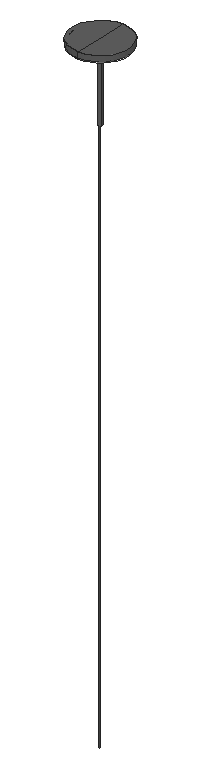
Revit family "PANZERI_BELLA_SUSPENSION_LIGHT", category Lighting Fixtures, host Face, Revit 2018
Family settings
  Host = Face
  Round Connector Dimension = Use Diameter
  Part Type = Normal
  OmniClass Number = 23.80.70.00
  OmniClass Title = Lighting
  Cut with Voids When Loaded = No
  Light Source = No
  Shared = No
  Room Calculation Point = Yes
Parameters (values of type "Compositions_IndirectLight_Black")
  WEIGHT = if(SINGLE INSTALLATION, 0.55 kg, 0.22 kg)  # 0.22 kg
  WATTAGE = if(SINGLE INSTALLATION, 6.5 W, 4.5 W)  # 4.5 W
  VOLTAGE = 0 V
  USAGE = "INDOOR - SUSPENSION"  # constant formula
  URL = "https://panzeri.it/en/"
  Type Comments = "Indirect light emission. For compositions."
  TOTAL HEIGHT [instance] = CABLE LENGTH + HEIGHT  # 1140 mm
  TECHNICAL SHEET = "https://panzeri.it/en/products/product-family/design/indoor/bella/112/"
  STRUCTURE MATERIAL = PANZERI_ALUMINIUM_POLYACRYLIC_PAINT_BLACK_02
  SINGLE INSTALLATION = no
  Light Source Symbol Size = 300 mm
  LIGHTING SPECIFICATION = "LED 4,5W | 2700K | Ra>90 | 388lm | 24V DC"
  IP RATING = "IP40"  # constant formula
  INDIRECT LIGHT = yes
  IK RATING = ""
  HEIGHT = 140 mm  # constant formula
  FREQUENCY RANGE = if(SINGLE INSTALLATION, "50/60Hz", "")  # ""
  FREQUENCY = 0 Hz
  DIRECT LIGHT = not(INDIRECT LIGHT)  # no
  DIAMETER = 101 mm  # constant formula
  PRODUCT SHEET = "https://www.archiproducts.com/en/products/panzeri/led-die-cast-aluminium-pendant-lamp-bella-pendant-lamp_398064"
  PRODUCT CODE = "M05302.011.0510"
  POWER SUPPLY = if(SINGLE INSTALLATION, "220-240V AC", "24V DC")  # "24V DC"
  PACKAGING = "13,0 x 24,0 x 12,0 cm"  # constant formula
  Model = "BELLA SUSPENSION"  # constant formula
  Manufacturer = "PANZERI"  # constant formula
  MATERIAL DESCRIPTION = "Die-cast aluminium structure in polyacrylic paint. Modelled acrylic diffuser with mat finish. Aluminium closing disk in polyacrylic paint. Suspension kit with rod in brass tube in polyacrylic paint. 3m <118,1in> long suspension and power cable in transparent PVC."  # constant formula
  Lamp = "LED"  # constant formula
  LAMP MATERIAL = PANZERI_POLYCARBONATE_OPALINE_SCREEN_Light_on
  INSTALLATION INSTRUCTIONS = "https://panzeri.it/en/products/product-family/design/indoor/bella/112/"
  ENERGY EFFICIENCY CLASS = "N/D"  # constant formula
  Description = "Suspension lighting fixture for interiors, with direct or indirect light emission."  # constant formula
  Default Elevation = 1219.2 mm
  DESIGNER = "Enzo Panzeri"  # constant formula
  COMPOSITIONS = not(SINGLE INSTALLATION)  # yes
  COLOR RENDERING INDEX = "Ra>90"  # constant formula
  COLLECTION = "BELLA"  # constant formula
  CANOPY_VISIBILITY = if(SINGLE INSTALLATION, 1 = 1, 1 = 0)  # no
  CANOPY MATERIAL = PANZERI_ALUMINIUM_POLYACRYLIC_PAINT_BLACK_02
  CABLE MATERIAL = PANZERI_PVC_TRANSPARENT
  CABLE LENGTH_CONTROL [instance] = 1000 mm
  CABLE LENGTH [instance] = if(CABLE LENGTH_CONTROL > 3000 mm, 3000 mm, if(CABLE LENGTH_CONTROL < 1 mm, 1 mm, CABLE LENGTH_CONTROL))  # 1000 mm
  BODY TILT = if(DIRECT LIGHT, -90.00°, 90.00°)  # 90.00°
  BODY OFFSET = if(DIRECT LIGHT, -13 mm, 0 mm)  # 0 mm
  BODY AND LIGHT SOURCE = 1_Body_LightSource_PANZERI_BELLA_SUSPENSION_LIGHT : IndirectLight
  BIM USER MANUAL = "https://bimcad.edilportale.com/PANZERI-BIM-USER-MANUAL-PANZERI-bim.pdf"
  BIM BADGE = "https://bim.archiproducts.com/en/badge/bim-archiproducts-featured_658700/about"
  BIM AUTHOR = "https://bim.archiproducts.com"
  BELLA VESTITA VERSION [instance] = no
  Apparent Load = 0 VA
  AVAILABLE FINISHES = "Structure and Canopy: white, black, bronze, mat brass or titanium. CUSTOM finishes available only on request."  # constant formula
  ACCESSORIES = if(SINGLE INSTALLATION, "DRIVER: integrated included | Power canopy and covering inclued", "DRIVER: remote not included | Provided without power canopy, complete with cable clamp on the cable's free extremity.")  # "DRIVER: remote not included | Provided without power canopy, complete with cable clamp on the cable's free extremity."
Types (4, lengths in mm): name | WEIGHT | WATTAGE | Type Comments | SINGLE INSTALLATION | LIGHTING SPECIFICATION | INDIRECT LIGHT | FREQUENCY RANGE | DIRECT LIGHT | PRODUCT CODE | POWER SUPPLY | COMPOSITIONS | CANOPY_VISIBILITY | BODY TILT | BODY OFFSET | BODY AND LIGHT SOURCE | ACCESSORIES
  Single_DirectLight_Black | 0.55 kg | 6.5 W | "Direct light emission.  For single installations." | yes | "LED 6,5W | 2700K | Ra>90 | 388lm | 220-240V AC | ON-OFF" | no | "50/60Hz" | yes | "L05202.011.0501" | "220-240V AC" | no | yes | -90.00° | -13 | 1_Body_LightSource_PANZERI_BELLA_SUSPENSION_LIGHT : DirectLight | "DRIVER: integrated included | Power canopy and covering inclued"
  Single_IndirectLight_Black | 0.55 kg | 6.5 W | "Indirect light emission. For single installations." | yes | "LED 6,5W | 2700K | Ra>90 | 388lm | 220-240V AC | ON-OFF" | yes | "50/60Hz" | no | "L05302.011.0501" | "220-240V AC" | no | yes | 90.00° | 0 | 1_Body_LightSource_PANZERI_BELLA_SUSPENSION_LIGHT : IndirectLight | "DRIVER: integrated included | Power canopy and covering inclued"
  Compositions_DirectLight_Black | 0.22 kg | 4.5 W | "Direct light emission. For compositions." | no | "LED 4,5W | 2700K | Ra>90 | 388lm | 24V DC" | no | "" | yes | "M05202.011.0510" | "24V DC" | yes | no | -90.00° | -13 | 1_Body_LightSource_PANZERI_BELLA_SUSPENSION_LIGHT : DirectLight | "DRIVER: remote not included | Provided without power canopy, complete with cable clamp on the cable's free extremity."
  Compositions_IndirectLight_Black | 0.22 kg | 4.5 W | "Indirect light emission. For compositions." | no | "LED 4,5W | 2700K | Ra>90 | 388lm | 24V DC" | yes | "" | no | "M05302.011.0510" | "24V DC" | yes | no | 90.00° | 0 | 1_Body_LightSource_PANZERI_BELLA_SUSPENSION_LIGHT : IndirectLight | "DRIVER: remote not included | Provided without power canopy, complete with cable clamp on the cable's free extremity."
Reference planes
  plane 1 "Center (Front/Back)": y = 0
  plane 2: z = 0
  plane 3 "Center (Left/Right)": x = 0
  plane 4 "LIGHT SOURCE PLAN": z = 1140
  plane 5 "BOTTOM": z = 1000
  plane 6: z = 1140
  plane 7 "BODY LAMP BOTTOM": z = 1126
Forms (mm)
  Revolve 1, solid, material "PANZERI_ALUMINIUM_POLYACRYLIC_PAINT_BLACK_02" <- "CANOPY MATERIAL", visible <- "CANOPY_VISIBILITY", detail levels fine
    sketch origin (0, 0, 0) x (0, 1, 0) y (0, 0, 1)
      loop
        line (25.35, 130) -> (25.35, 125.9) -> (0, 125.9) -> (0, 0) -> (27.5, 0) -> (27.5, 130) -> (25.35, 130)
      axis (0, 0) -> (0, 130)
    angle from 0 to 360
  Extrusion 2, solid, material "PANZERI_PVC_TRANSPARENT" <- "CABLE MATERIAL", detail levels medium+fine
    sketch origin (0, 0, 0) x (1, 0, 0) y (0, 1, 0)
      loop
        circle (0, 0) r 1.417
    from 0 to 1000
  Revolve 3, solid, material "PANZERI_ALUMINIUM_POLYACRYLIC_PAINT_BLACK_02" <- "STRUCTURE MATERIAL", detail levels fine
    sketch origin (0, 0, 0) x (1, 0, 0) y (0, 0, 1)
      loop
        line (0, 1126) -> (-2.99, 1126) -> (-2.99, 1000) -> (0, 1000) -> (0, 1126)
      axis (0, 1126) -> (0, 1000)
    angle from 0 to 360
  Extrusion 4, solid, detail levels medium
    sketch origin (0, 0, 0) x (1, 0, 0) y (0, 1, 0)
      loop
        circle (0, 0) r 50.5
    from 1000 to 1140
Lines and regions (mm)
  reference lines
    curve 1: line (0, 0, 1026) -> (0, 0, 1126)
  symbolic lines, detail levels coarse
    curve 2: line (0, 0, 0) -> (0, 0, 1126)
    curve 3: line (0, 0, 0) -> (0, 0, 1126)
Dimensions and locks
  "CABLE LENGTH": plane 5 "BOTTOM" to plane 2
  "HEIGHT": plane 6 to plane 5 "BOTTOM"
  locked: plane 7 "BODY LAMP BOTTOM" to plane 5 "BOTTOM" at 126
  locked: curve 1 to curve 1 at 100
  "DIAMETER": diameter of Extrusion 4 sketch curve
  "BODY TILT": angle curve 1 to plane 7 "BODY LAMP BOTTOM"
  aligned and locked: plane 2 to host face
  aligned and locked: level to host face
  aligned and locked: plane 5 "BOTTOM" to Extrusion 2
  aligned and locked: Revolve 3 to plane 7 "BODY LAMP BOTTOM"
  aligned and locked: Revolve 3 to plane 5 "BOTTOM"
  aligned and locked: plane 6 to Extrusion 4
  aligned and locked: Extrusion 4 to plane 5 "BOTTOM"
  aligned and locked: plane 4 "LIGHT SOURCE PLAN" to plane 6
  aligned and locked: plane 7 "BODY LAMP BOTTOM" to curve 1
  aligned and locked: plane 3 "Center (Left/Right)" to curve 1
  aligned and locked: curve 1 to nested 2
  aligned and locked: plane 3 "Center (Left/Right)" to nested 3
  aligned and locked: plane 7 "BODY LAMP BOTTOM" to nested 3
Automatic sketch dimensions
  host sketch curve to host sketch curve = 2438.4 mm  (x2)
  Revolve 1 sketch curve to plane 1 "Center (Front/Back)" = 0 mm  (x2)
  Revolve 1 sketch curve to level = 0 mm
  Revolve 1 sketch curve to Revolve 1 sketch curve = 25.35 mm
  Revolve 1 sketch curve to Revolve 1 sketch curve = 2.15 mm
  level to Revolve 1 sketch curve = 125.9 mm
  Revolve 1 sketch curve to Revolve 1 sketch curve = 4.1 mm
  Revolve 1 sketch curve to level = 10 mm
  Revolve 1 sketch curve to Revolve 1 sketch curve = 64.1 mm
  plane 1 "Center (Front/Back)" to Extrusion 2 sketch curve = 0 mm
  Extrusion 2 sketch curve to plane 3 "Center (Left/Right)" = 0 mm
  Revolve 3 sketch curve to plane 5 "BOTTOM" = 0 mm
  Revolve 3 sketch curve to plane 3 "Center (Left/Right)" = 0 mm  (x2)
  Revolve 3 sketch curve to Revolve 3 sketch curve = 2.99 mm
  Revolve 3 sketch curve to Revolve 3 sketch curve = 126 mm
  Revolve 3 sketch curve to plane 5 "BOTTOM" = 45 mm
  Revolve 3 sketch curve to Revolve 3 sketch curve = 94 mm
  plane 1 "Center (Front/Back)" to Extrusion 4 sketch curve = 0 mm
  Extrusion 4 sketch curve to plane 3 "Center (Left/Right)" = 0 mm
  curve 2 to plane 3 "Center (Left/Right)" = 0 mm
  curve 2 to level = 0 mm
  curve 2 to plane 7 "BODY LAMP BOTTOM" = 0 mm
  curve 3 to plane 1 "Center (Front/Back)" = 0 mm
  curve 3 to level = 0 mm
  curve 3 to plane 7 "BODY LAMP BOTTOM" = 0 mm
  radius of Extrusion 2 sketch curve = 1.417 mm
Nested families
  nested 1: "Lighting symbol" at (0, 0, 0) x (0.7071, -0.7071, 0) z (0, 0, 1), Light Source Symbol Size <- "Light Source Symbol Size", type "Lighting symbol", detail levels coarse
    with Light Source Symbol Size 300 mm
  nested 2: "1_Body_LightSource_PANZERI_BELLA_SUSPENSION_LIGHT" at (0.023, 0, 1126) x (0, -1, 0) z (0, 0, 1), LAMP MATERIAL <- "LAMP MATERIAL", STRUCTURE MATERIAL <- "STRUCTURE MATERIAL", built-in parameter 1001364 <- "BODY OFFSET", type "DirectLight"
    with STRUCTURE MATERIAL PANZERI_ALUMINIUM_POLYACRYLIC_PAINT_BLACK_02, LAMP MATERIAL PANZERI_POLYCARBONATE_OPALINE_SCREEN_Light_on
  nested 3: "PANZERI_BELLA_VESTITA_LIGHTSHADE" at (0, 0, 1119.965), visible <- "BELLA VESTITA VERSION", type "Ivory"
Connectors
  electrical at (0, 0, 0), driven by "VOLTAGE", driven by "Apparent Load"
    settings: index 1, voltage 0 V, apparent load 0 VA, apparent load phase1 0 VA, apparent load phase2 0 VA, apparent load phase3 0 VA, power factor 1, load classification "Lighting", number of poles 1, system type 30, power factor state 1, is connector primary yes, connector utility no, sub classification motor no, connector description ""
Definition of nested family "1_Body_LightSource_PANZERI_BELLA_SUSPENSION_LIGHT"
  Parameters (values of type "IndirectLight")
    Wattage = 2.61206 W
    built-in parameter 1150110 = 1 (stored number, unit not read)
    built-in parameter 1114217 = 1 (stored number, unit not read)
    Tilt Angle = 90.00°  # constant formula
    built-in parameter 1150109 = 1 (stored number, unit not read)
    built-in parameter 1150134 = (empty or 0)
    built-in parameter 1150113 = 1 (stored number, unit not read)
    STRUCTURE MATERIAL [instance] = none
    Photometric Web File = "Bella Suspended L053__.011.0501-460.IES"
    Model = "BELLA SUSPENSION INDIRECT LIGHT"
    built-in parameter 1150105 = 30.876 (stored number, unit not read)
    Lumens = 388 lm
    built-in parameter 1150115 = 1 (stored number, unit not read)
    built-in parameter 1150137 = (empty or 0)
    built-in parameter 1150139 = (empty or 0)
    built-in parameter 1150112 = 1 (stored number, unit not read)
    built-in parameter 1150114 = 1 (stored number, unit not read)
    LAMP MATERIAL [instance] = none
    built-in parameter 1150132 = 2
    built-in parameter 1150102 = (empty or 0)
    built-in parameter 1150107 = 2700 (stored number, unit not read)
    built-in parameter 1150138 = (empty or 0)
    built-in parameter 1150106 = 0.30876 (stored number, unit not read)
    built-in parameter 1150104 = 13.8 (stored number, unit not read)
    Dimming Lamp Color Temperature Shift = (empty or 0)
    Default Elevation = 1219.2 mm
    Color Filter = 16777215
    built-in parameter 1114218 = 1 (stored number, unit not read)
    built-in parameter 1150133 = 10 (stored number, unit not read)
  Types (2, lengths in mm): name | Photometric Web File | Model
    DirectLight | "Bella Suspended L052__.011.0501-460.IES" | "BELLA SUSPENSION DIRECT LIGHT"
    IndirectLight | "Bella Suspended L053__.011.0501-460.IES" | "BELLA SUSPENSION INDIRECT LIGHT"
  Reference planes
    plane 1 "Light Source Axis (F/B)": y = 0
    plane 2: z = 0
    plane 3 "Light Source Axis (L/R)": x = 0
    plane 4 "Light Source Elevation": z = 0
    plane 5 "1": y = 0
  Forms (mm)
    Revolve 1, solid, material <- "STRUCTURE MATERIAL", detail levels fine
      sketch origin (0, 0, 5.999) x (0, 0, -1) y (-1, 0, 0)
        loop
          line (-6.991, 50.506) -> (-6.991, 0) -> (-4.201, 0) -> (-4.201, 45.389) -> (2.999, 46.658) -> (2.999, 50.331) -> (-6.991, 50.506)
        axis (-6.991, 0) -> (2.999, 0)
      angle from 0 to 360
    Revolve 2, solid, material <- "LAMP MATERIAL", detail levels fine
      sketch origin (0, 0, 5.999) x (0, 0, -1) y (-1, 0, 0)
        loop
          line (5.999, 50.2) -> (2.999, 50.2) -> (2.999, 28.654) -> (4.799, 28.654) -> (4.799, 32.147) -> (5.999, 32.147) -> (5.999, 50.2)
        axis (2.999, 0) -> (5.999, 0)
      angle from 0 to 360
    Revolve 3, solid, material <- "STRUCTURE MATERIAL", detail levels fine
      sketch origin (0, 0, 5.999) x (0, 0, -1) y (-1, 0, 0)
        loop
          line (5.999, 32.15) -> (4.799, 32.15) -> (4.799, 28.654) -> (2.999, 28.654) -> (2.999, 0) -> (5.999, 0) -> (5.999, 32.15)
        axis (2.999, 0) -> (5.999, 0)
      angle from 0 to 360
  Lines and regions (mm)
    symbolic lines, detail levels coarse
      curve 1: line (-50.506, 0, 12.99) -> (50.506, 0, 12.99)
      curve 2: line (-50.506, 0, 0) -> (-50.506, 0, 12.99)
      curve 3: line (50.506, 0, 0) -> (-50.506, 0, 0)
      curve 4: line (50.506, 0, 12.99) -> (50.506, 0, 0)
      curve 5: line (0, 50.506, 12.99) -> (0, -50.563, 12.99)
      curve 6: line (0, 50.506, 0) -> (0, 50.506, 12.99)
      curve 7: line (0, -50.563, 0) -> (0, 50.506, 0)
      curve 8: line (0, -50.563, 12.99) -> (0, -50.563, 0)
  Dimensions and locks
    aligned and locked: level to plane 2
    aligned and locked: imposter light to plane 4 "Light Source Elevation"
    aligned and locked: imposter light to plane 5 "1"
    aligned and locked: imposter light to plane 1 "Light Source Axis (F/B)"
    aligned and locked: plane 2 to imposter light
Definition of nested family "PANZERI_BELLA_VESTITA_LIGHTSHADE"
  Parameters (values of type "Ivory")
    WEIGHT = 0.08 kg  # constant formula
    USAGE = "INDOOR"  # constant formula
    URL = "https://panzeri.it/en/"
    Type Comments = "Lampshade body for BELLA suspension lamps."  # constant formula
    TECHNICAL SHEET = "https://panzeri.it/en/products/product-family/design/indoor/bella/112/"
    SHADE MATERIAL = none
    PRODUCT SHEET = "https://www.archiproducts.com/en/products/panzeri/drum-shaped-fabric-lampshade-bella-vestita_441350"
    PRODUCT CODE = "YPL05207.015"  # constant formula
    PACKAGING = "19,0 x 19,0 x 14,0 cm"  # constant formula
    Model = "BELLA VESTITA LAMPSHADE"  # constant formula
    Manufacturer = "PANZERI"  # constant formula
    MATERIAL DESCRIPTION = "Ivory pleated fabric lampshade."  # constant formula
    HEIGHT = 60 mm  # constant formula
    Description = "Ivory pleated fabric lampshade, simple snap installation."  # constant formula
    Default Elevation = 1219.2 mm
    DIAMETER = 150 mm  # constant formula
    DESIGNER = "Matteo Thun"  # constant formula
    COLLECTION = "BELLA"  # constant formula
    BIM USER MANUAL = "https://bimcad.edilportale.com/PANZERI-BIM-USER-MANUAL-PANZERI-bim.pdf"
    BIM BADGE = "https://bim.archiproducts.com/en/badge/bim-archiproducts-featured_658700/about"
    BIM AUTHOR = "https://bim.archiproducts.com"
    AVAILABLE FINISHES = "Ivory"  # constant formula
  Reference planes
    plane 1 "Center (Front/Back)": y = 0
    plane 2: z = 0
    plane 3 "Center (Left/Right)": x = 0
    plane 4 "FIX POSITION": z = 6.035
  Forms (mm)
    Revolve 1, solid, material <- "SHADE MATERIAL", detail levels fine
      sketch origin (0, 0, 0) x (1, 0, 0) y (0, 0, 1)
        loop
          line (-75, 59.095) -> (-75, 0.905)
          arc (-75, 0.905) -> (-74.095, 0) -> (-73.19, 0.905) r 0.905
          line (-73.19, 0.905) -> (-73.19, 59.095)
          arc (-73.19, 59.095) -> (-74.095, 60) -> (-75, 59.095) r 0.905
        axis (0, 59.095) -> (0, 0.905)
      angle from 0 to 360
    Revolve 2, solid, detail levels medium
      sketch origin (0, 0, 0) x (1, 0, 0) y (0, 0, 1)
        loop
          line (0, 0) -> (0, 60) -> (-75, 60) -> (-75, 0) -> (0, 0)
        axis (0, 60) -> (0, 0)
      angle from 0 to 360
    Extrusion 3, solid, detail levels fine
      sketch origin (0, -0.521, 0) x (1, 0, 0) y (0, 0, 1)
        loop
          line (-73.255, 13.59) -> (-73.255, 3.254) -> (-39.883, 3.254)
          arc (-39.883, 3.254) -> (-38.202, 4.144) -> (-37.99, 6.035) r 2.035
          line (-37.99, 6.035) -> (-49.514, 6.035) -> (-49.514, 19.035) -> (-41.421, 19.035)
          arc (-41.421, 19.035) -> (-39.914, 20.542) -> (-41.421, 22.048) r 1.507
          line (-41.421, 22.048) -> (-48.455, 22.048) -> (-55.305, 13.59) -> (-73.255, 13.59)
      from -1.043 to 0
    Extrusion 4, solid, detail levels fine
      sketch origin (-0.452, 0.261, 0) x (-0.5, -0.866025, 0) y (0, 0, 1)
        loop
          line (-73.255, 13.59) -> (-73.255, 3.254) -> (-39.883, 3.254)
          arc (-39.883, 3.254) -> (-38.202, 4.144) -> (-37.99, 6.035) r 2.035
          line (-37.99, 6.035) -> (-49.514, 6.035) -> (-49.514, 19.035) -> (-41.421, 19.035)
          arc (-41.421, 19.035) -> (-39.914, 20.542) -> (-41.421, 22.048) r 1.507
          line (-41.421, 22.048) -> (-48.455, 22.048) -> (-55.305, 13.59) -> (-73.255, 13.59)
      from -1.043 to 0
    Extrusion 5, solid, detail levels fine
      sketch origin (0.452, 0.261, 0) x (-0.5, 0.866025, 0) y (0, 0, 1)
        loop
          line (-73.255, 13.59) -> (-73.255, 3.254) -> (-39.883, 3.254)
          arc (-39.883, 3.254) -> (-38.202, 4.144) -> (-37.99, 6.035) r 2.035
          line (-37.99, 6.035) -> (-49.514, 6.035) -> (-49.514, 19.035) -> (-41.421, 19.035)
          arc (-41.421, 19.035) -> (-39.914, 20.542) -> (-41.421, 22.048) r 1.507
          line (-41.421, 22.048) -> (-48.455, 22.048) -> (-55.305, 13.59) -> (-73.255, 13.59)
      from -1.043 to 0
  Dimensions and locks
    aligned and locked: level to plane 2
Definition of nested family "Lighting symbol"
  Parameters (values of type "Lighting symbol")
    Light Source Symbol Size [instance] = 350 mm
  Reference planes
    plane 1 "Center (Front/Back)": y = 0
    plane 2: z = 0
    plane 3 "Center (Left/Right)": x = 0
  Lines and regions (mm)
    detail lines, in view "Ref. Level", detail levels coarse
      curve 1: circle (0, 0, 0) r 175 normal (0, 0, 1)
      curve 2: line (175, 0, 0) -> (-175, 0, 0)
      curve 3: line (0, 175, 0) -> (0, -175, 0)
  Dimensions and locks
    "Light Source Symbol Size": diameter of curve 1
    aligned and locked: curve 3 to plane 3 "Center (Left/Right)"
    aligned and locked: curve 2 to plane 1 "Center (Front/Back)"
  Automatic sketch dimensions
    plane 1 "Center (Front/Back)" to curve 1 = 0 mm
    curve 1 to plane 3 "Center (Left/Right)" = 0 mm
